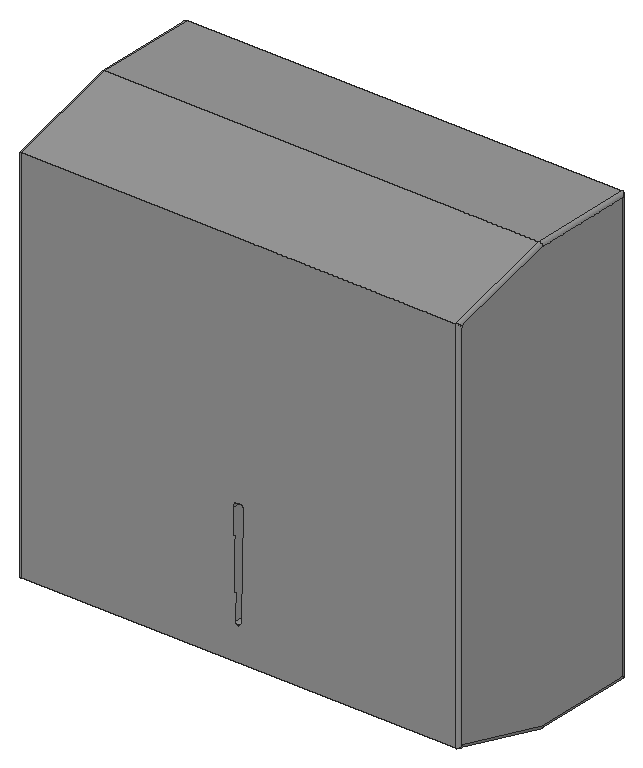
Revit family "Диспенсер листовых бумажных полотелец, нержавеющая сталь", category Оборудование, Revit 2017
Family settings
  Размер круглого соединителя = Использовать диаметр
  Тип детали = Нормальный
  На основе рабочей плоскости = Нет
  Всегда вертикально = Да
  При загрузке вырезать с полостями = Нет
  Общий = Нет
  Точка расчета площади = Нет
Parameters (values of type "Тип")
  Общ_Ширина = 267.0 mm
  Общ_Тип, марка = "TН-5823 SS"
  Общ_Примечание КР [instance] = ""
  Общ_Примечание АР [instance] = ""
  Общ_Примечание = ""
  Общ_Поставщик = "Ksitex"
  Общ_Позиция = ""
  Общ_Наименование = "Диспенсер листовых бумажных полотенец, нержавеющая сталь"
  Общ_Масса = "1,7"
  Общ_Код продукции = ""
  Общ_Единицы измерения = "шт."
  Общ_Глубина = 125.0 mm
  Общ_Высота = 265.0 mm
  Keynote = ""
  Model = ""
Reference planes
  plane 1 "По центру (Вперед/Назад)": y = 0
  plane 2: z = 0
  plane 3 "По центру (Влево/Вправо)": x = 0
  plane 4: y = 63
  plane 5: y = -63
  plane 6: x = 134
  plane 7: x = -134
Forms (mm)
  Extrusion 1, solid, material "Сталь, нержавеющая, шлифованная", detail levels fine
    sketch origin (-134, 203, 1200) x (0, 1, 0) y (0, 0, 1)
      loop
        line (-140, -1200) -> (-140, -935) -> (-203, -935) -> (-266, -951.881) -> (-266, -1183.119) -> (-203, -1200) -> (-140, -1200)
    from 0 to 268
  Sweep 2, void
    path in 3D
      loop
        line (-134, -63, 248.119) -> (-134, 0, 265) -> (-134, 63, 265) -> (-134, 63, 0) -> (-134, 0, 0) -> (-134, -63, 16.881) -> (-134, -63, 248.119)
    profile origin (-134, -63, 132.5) x (0, 1, 0) y (-1, 0, 0)
      loop
        line (0, 0) -> (0, -2)
        arc (0, -2) -> (0.586, -0.586) -> (2, 0) r 2
        line (2, 0) -> (0, 0)
  Sweep 3, void
    path in 3D
      loop
        line (134, -63, 248.119) -> (134, 0, 265) -> (134, 63, 265) -> (134, 63, 0) -> (134, 0, 0) -> (134, -63, 16.881) -> (134, -63, 248.119)
    profile origin (134, -63, 132.5) x (0, -1, 0) y (1, 0, 0)
      loop
        line (0, 0) -> (-2, 0)
        arc (-2, 0) -> (-0.586, -0.586) -> (0, -2) r 2
        line (0, -2) -> (0, 0)
  Extrusion 4, void
    sketch origin (-300, -63, 1200) x (1, 0, 0) y (0, 0, 1)
      loop
        line (302.002, -1160.636) -> (303.076, -1099.088)
        arc (303.076, -1099.088) -> (300, -1095.958) -> (296.924, -1099.088) r 3.077
        line (296.924, -1099.088) -> (297.998, -1160.636)
        arc (297.998, -1160.636) -> (300, -1162.603) -> (302.002, -1160.636) r 2.002
    from 0 to -30
Cuts and joins
  Sweep 2, Sweep 3, Extrusion 4 cuts Extrusion 1
Lines and regions (mm)
  sketch lines
    curve 1: line (-134, -63, 16.881) -> (-134, -63, 248.119)
    curve 2: line (-134, -63, 248.119) -> (-134, 0, 265)
    curve 3: line (-134, 0, 265) -> (-134, 63, 265)
    curve 4: line (-134, 63, 265) -> (-134, 63, 0)
    curve 5: line (-134, 63, 0) -> (-134, 0, 0)
    curve 6: line (-134, 0, 0) -> (-134, -63, 16.881)
    curve 7: line (134, -63, 16.881) -> (134, -63, 248.119)
    curve 8: line (134, -63, 248.119) -> (134, 0, 265)
    curve 9: line (134, 0, 265) -> (134, 63, 265)
    curve 10: line (134, 63, 265) -> (134, 63, 0)
    curve 11: line (134, 63, 0) -> (134, 0, 0)
    curve 12: line (134, 0, 0) -> (134, -63, 16.881)
  symbolic lines, detail levels coarse+medium
    curve 13: line (-134, 63.027, -0.027) -> (-134, 63.027, 264.973)
    curve 14: line (-134, 63.027, -0.027) -> (-134, -0.022, -0.027)
    curve 15: line (-134, 63, 0) -> (134, 63, 0)
    curve 16: line (-134, -63, 0) -> (-134, 63, 0)
    curve 17: line (134, -63, 0) -> (-134, -63, 0)
    curve 18: line (134, 63, 0) -> (134, -63, 0)
    curve 19: line (-134, 0, 0) -> (134, 0, 0)
Dimensions and locks
  aligned and locked: level to plane 2
